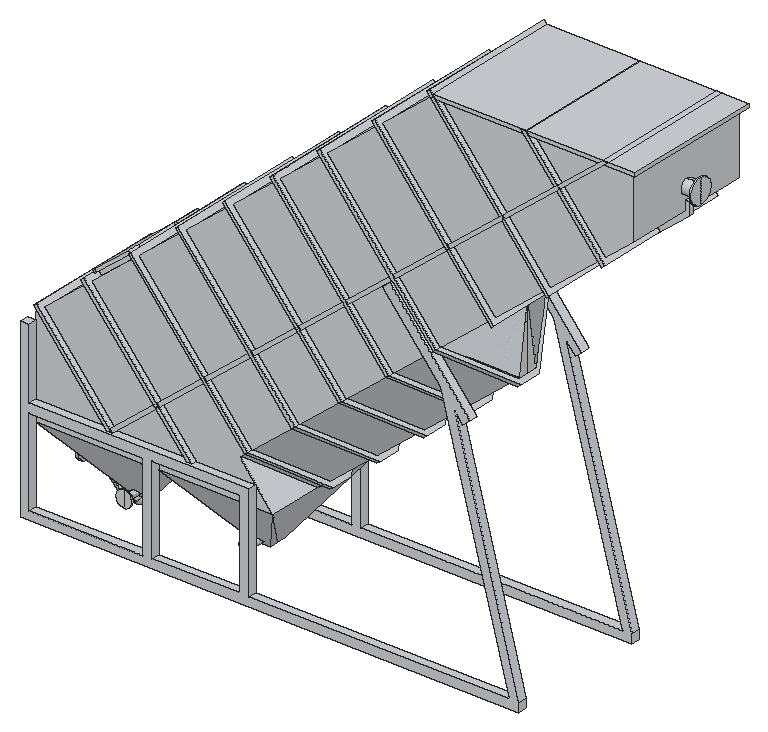
Revit family "отстойник-осветлитель грязной промывной воды 30", category Оборудование, Revit 2020
Family settings
  Размер круглого соединителя = Использовать диаметр
  Классификация = Нет
  Тип детали = Нормальный
  На основе рабочей плоскости = Нет
  Всегда вертикально = Да
  При загрузке вырезать с полостями = Нет
  Общий = Нет
  Точка расчета площади = Нет
Parameters
  Отметка по умолчанию = 0 mm
  ADSK_Позиция = "10"
  ADSK_Наименование [instance] = "Отстойник осветлитель грязной промывной воды 30"
  ADSK_Масса_Текст [instance] = "3940"
  ADSK_Марка [instance] = ""
  ADSK_Код изделия [instance] = ""
  ADSK_Завод-изготовитель [instance] = "ООО \"НПК \"Акватроник\""
  ADSK_Единица измерения = "шт."
Reference planes
  plane 1 "По центру (Вперед/Назад)": y = 0
  plane 2: z = 0
  plane 3 "По центру (Влево/Вправо)": x = 0
Forms (mm)
  Extrusion 1, solid
    sketch origin (0, 0, 0) x (1, 0, 0) y (0, 0, 1)
      loop
        line (496.855, 3669.037) -> (2304.72, 5186.016) -> (2304.72, 5895.191) -> (38.567, 5895.191) -> (-4498.918, 2087.788) -> (-4498.918, 960) -> (-1798.918, 960) -> (-2184.259, 1419.231) -> (-7.804, 3245.494) -> (496.855, 3668.953)
    from -750 to 750
  Extrusion 2, solid
    sketch origin (0, 0, 0) x (1, 0, 0) y (0, 0, 1)
      loop
        line (0, 5941.153) -> (1362.721, 4317.126) -> (1393.363, 4342.837) -> (30.642, 5966.865) -> (0, 5941.153)
      loop
        line (-627.671, 5414.475) -> (735.05, 3790.447) -> (765.692, 3816.159) -> (-597.029, 5440.186) -> (-627.671, 5414.475)
      loop
        line (-1255.342, 4887.796) -> (68.787, 3309.761) -> (99.429, 3335.473) -> (-1224.7, 4913.508) -> (-1255.342, 4887.796)
      loop
        line (-1791.573, 4437.845) -> (-467.776, 2860.205) -> (-437.134, 2885.917) -> (-1760.931, 4463.557) -> (-1791.573, 4437.845)
      loop
        line (-2327.804, 3987.894) -> (-1003.675, 2409.858) -> (-973.033, 2435.57) -> (-2297.162, 4013.605) -> (-2327.804, 3987.894)
      loop
        line (-2864.035, 3537.942) -> (-1539.906, 1959.907) -> (-1509.264, 1985.619) -> (-2833.393, 3563.654) -> (-2864.035, 3537.942)
      loop
        line (-3400.266, 3087.991) -> (-2076.137, 1509.956) -> (-2045.496, 1535.667) -> (-3369.624, 3113.703) -> (-3400.266, 3087.991)
      loop
        line (1074.61, 5935.191) -> (1990.392, 4843.804) -> (2021.034, 4869.515) -> (1126.826, 5935.191) -> (1074.61, 5935.191)
      loop
        line (-3936.497, 2638.04) -> (-2729.839, 1200) -> (-2677.622, 1200) -> (-3905.856, 2663.751) -> (-3936.497, 2638.04)
      loop
        line (-4472.728, 2188.088) -> (-3643.624, 1200) -> (-3591.407, 1200) -> (-4442.087, 2213.8) -> (-4472.728, 2188.088)
    from -810 to 810
  Extrusion 3, solid
    sketch origin (0, 0, 0) x (1, 0, 0) y (0, 0, 1)
      loop
        line (-3612.89, 1225.628) -> (-3591.407, 1200.026) -> (-3581.362, 1200.026) -> (2061.819, 5935.216) -> (1999.779, 5935.216) -> (-3612.89, 1225.628)
    from -810 to 810
  Extrusion 4, solid
    sketch origin (0, 0, 0) x (1, 0, 0) y (0, 0, 1)
      loop
        line (2363.908, 5895.191) -> (2363.908, 5935.191) -> (57.22, 5935.191) -> (57.22, 5895.191) -> (2363.908, 5895.191)
    from -810 to 810
  Revolve 5, solid
    sketch origin (0, 0, 0) x (1, 0, 0) y (0, 0, 1)
      loop
        line (2304.72, 5435.567) -> (2471.91, 5435.567) -> (2471.91, 5575.567) -> (2453.91, 5575.567) -> (2453.91, 5515.567) -> (2304.72, 5515.567) -> (2304.72, 5435.567)
      axis (2304.72, 5435.567) -> (2471.91, 5435.567)
    angle from 0 to 360
  Extrusion 6, solid
    sketch origin (0, 0, 0) x (1, 0, 0) y (0, 0, 1)
      loop
        line (2304.72, 5301.14) -> (2304.72, 5186.016) -> (497.093, 3669.237) -> (497.093, 3590.804) -> (2363.91, 5157.211) -> (2363.91, 5301.14) -> (2304.72, 5301.14)
    from -20 to 20
  Extrusion 7, solid
    sketch origin (0, 0, 0) x (1, 0, 0) y (0, 0, 1)
      loop
        line (-4498.918, 2000.003) -> (-4598.918, 2000.003) -> (-4598.918, 0) -> (-1999.141, 0) -> (1080.969, 0) -> (1080.969, 100) -> (344.686, 2825.385) -> (441.986, 2709.428) -> (518.59, 2773.707) -> (-394.084, 3861.389) -> (-470.69, 3797.113) -> (191.914, 3007.451) -> (977.384, 100) -> (-1999.141, 100) -> (-1999.141, 1200) -> (-4498.918, 1200) -> (-4498.918, 2000.003)
      loop
        line (-3198.918, 1100) -> (-4498.918, 1100) -> (-4498.918, 100) -> (-3198.918, 100) -> (-3198.918, 1100)
      loop
        line (-3098.918, 1100) -> (-3098.918, 100) -> (-2099.141, 100) -> (-2099.141, 1100) -> (-3098.918, 1100)
    from 750 to 850
  Extrusion 8, solid
    sketch origin (0, 0, 0) x (1, 0, 0) y (0, 0, -1)
      loop
        line (-4498.918, -2000.003) -> (-4498.918, -1200) -> (-1999.141, -1200) -> (-1999.141, -100) -> (977.384, -100) -> (191.914, -3007.451) -> (-470.69, -3797.113) -> (-394.084, -3861.389) -> (518.59, -2773.707) -> (441.986, -2709.428) -> (344.686, -2825.385) -> (1080.969, -100) -> (1080.969, 0) -> (-1999.141, 0) -> (-4598.918, 0) -> (-4598.918, -2000.003) -> (-4498.918, -2000.003)
      loop
        line (-3198.918, -1100) -> (-3198.918, -100) -> (-4498.918, -100) -> (-4498.918, -1100) -> (-3198.918, -1100)
      loop
        line (-3098.918, -1100) -> (-2099.141, -1100) -> (-2099.141, -100) -> (-3098.918, -100) -> (-3098.918, -1100)
    from 750 to 850
  SweptBlend 9, solid
    path origin (0, 0, 0) x (1, 0, 0) y (0, 0, 1)
      loop
        line (-3848.918, 159.936) -> (-3848.918, 960)
    profile origin (-3848.918, 0, 159.936) x (-1, 0, 0) y (0, -1, 0)
      loop
        line (-100, 0) -> (-100, -100) -> (100, -100) -> (100, 100) -> (-100, 100) -> (-100, 0)
    end profile origin (-3848.918, 0, 960) x (-1, 0, 0) y (0, -1, 0)
      loop
        line (650, -750) -> (650, 750) -> (-650, 750) -> (-650, -750) -> (650, -750)
  SweptBlend 10, solid
    path origin (1400, 0, 0) x (1, 0, 0) y (0, 0, 1)
      loop
        line (-3848.918, 159.936) -> (-3848.918, 960)
    profile origin (-2448.918, 0, 159.936) x (-1, 0, 0) y (0, -1, 0)
      loop
        line (-100, 0) -> (-100, -100) -> (100, -100) -> (100, 100) -> (-100, 100) -> (-100, 0)
    end profile origin (-2448.918, 0, 960) x (-1, 0, 0) y (0, -1, 0)
      loop
        line (650, -750) -> (650, 750) -> (-650, 750) -> (-650, -750) -> (650, -750)
  Sweep 11, solid
    path origin (0, 0, 0) x (1, 0, 0) y (0, 0, 1)
      loop
        line (-4498.918, 355.334) -> (-4397.271, 355.334)
        arc (-4397.271, 355.334) -> (-4353.263, 346.58) -> (-4315.954, 321.651) r 115
        line (-4315.954, 321.651) -> (-4083.592, 89.289)
        arc (-4083.592, 89.289) -> (-4051.15, 67.612) -> (-4012.881, 60) r 100
        line (-4012.881, 60) -> (-3928.918, 60)
        arc (-3928.918, 60) -> (-3872.35, 83.431) -> (-3848.918, 140) r 80
        line (-3848.918, 140) -> (-3848.918, 159.936)
    profile origin (-4448.095, 0, 355.334) x (0, 0, 1) y (0, -1, 0)
      loop
        circle (0, 0) r 54.5
  Revolve 12, solid
    sketch origin (0, 0, 0) x (1, 0, 0) y (0, 0, 1)
      loop
        line (-4498.918, 355.334) -> (-4498.918, 409.834) -> (-4523.918, 409.834) -> (-4523.918, 475.334) -> (-4553.918, 475.334) -> (-4553.918, 425.334) -> (-4568.918, 425.334) -> (-4568.918, 355.334) -> (-4498.918, 355.334)
      axis (-4498.918, 355.334) -> (-4568.918, 355.334)
    angle from 0 to 360
  Revolve 13, solid
    sketch origin (-3848.918, 0, -42.039) x (0, 1, 0) y (0, 0, 1)
      loop
        line (-311.798, 252.039) -> (-106.798, 252.039) -> (-106.798, 290.039) -> (-298.798, 290.039) -> (-298.798, 342.039) -> (-311.798, 342.039) -> (-311.798, 252.039)
      axis (-311.798, 252.039) -> (-106.798, 252.039)
    angle from 0 to 360
  Revolve 14, solid
    sketch origin (-2448.918, 0, -42.039) x (0, 1, 0) y (0, 0, 1)
      loop
        line (-311.798, 252.039) -> (-106.798, 252.039) -> (-106.798, 290.039) -> (-298.798, 290.039) -> (-298.798, 342.039) -> (-311.798, 342.039) -> (-311.798, 252.039)
      axis (-311.798, 252.039) -> (-106.798, 252.039)
    angle from 0 to 360
  Extrusion 15, solid
    sketch origin (-329.981, -2591.056, 1304.017) x (0, 1, 0) y (-0.642788, 0, 0.766044)
      loop
        line (1861.056, 1280.683) -> (2481.056, 680.683) -> (2701.056, 680.683) -> (3321.056, 1280.683) -> (1861.056, 1280.683)
    from -1346.401 to 1654.742
  SweptBlend 16, solid
    path origin (0, 0, 0) x (1, 0, 0) y (0, 0, 1)
      loop
        line (114.418, 3348.724) -> (497.44, 3670.118)
    profile origin (114.418, 0, 3348.724) x (-0.642788, 0, 0.766044) y (0, -1, 0)
      loop
        line (0, -750) -> (0, 750) -> (-600, 110) -> (-600, 0) -> (-600, -110) -> (0, -750)
    end profile origin (497.44, 0, 3670.118) x (-0.642788, 0, 0.766044) y (0, -1, 0)
      loop
        line (0, 3.721) -> (-5, 3.721) -> (-5, -3.717) -> (0, -3.717) -> (0, 3.721)
  Extrusion 17, solid
    sketch origin (-221.556, -2591.056, 1394.525) x (0, 1, 0) y (-0.642788, 0, 0.766044)
      loop
        line (1780.896, 1280.683) -> (2462.523, 621.043) -> (2719.59, 621.043) -> (3401.217, 1280.683) -> (1780.896, 1280.683)
    from -1346.401 to -1306.401
  Extrusion 18, solid
    sketch origin (314.704, -2591.056, 1844.297) x (0, 1, 0) y (-0.642788, 0, 0.766044)
      loop
        line (1780.896, 1280.683) -> (2462.362, 621.199) -> (2719.751, 621.199) -> (3401.217, 1280.683) -> (1780.896, 1280.683)
    from -1346.401 to -1306.401
  Extrusion 19, solid
    sketch origin (850.906, -2591.056, 2294.248) x (0, 1, 0) y (-0.642788, 0, 0.766044)
      loop
        line (1780.896, 1280.683) -> (2462.523, 621.043) -> (2719.59, 621.043) -> (3401.217, 1280.683) -> (1780.896, 1280.683)
    from -1346.401 to -1306.401
  Extrusion 20, solid
    sketch origin (1387.166, -2591.056, 2744.021) x (0, 1, 0) y (-0.642788, 0, 0.766044)
      loop
        line (1780.896, 1280.683) -> (2462.362, 621.199) -> (2719.751, 621.199) -> (3401.217, 1280.683) -> (1780.896, 1280.683)
    from -1346.401 to -1306.401
  Extrusion 21, solid
    sketch origin (1923.729, -2591.056, 3193.755) x (0, 1, 0) y (-0.642788, 0, 0.766044)
      loop
        line (1780.896, 1280.683) -> (2462.362, 621.199) -> (2719.751, 621.199) -> (3401.217, 1280.683) -> (1780.896, 1280.683)
    from -1346.401 to -1306.401
  Extrusion 22, solid
    sketch origin (3173.742, 14299.95, 4899.691) x (0.766044, 0, 0.642788) y (0, 1, 0)
      loop
        line (-6280.52, -14369.95) -> (-6781.788, -14369.95)
        arc (-6781.788, -14369.95) -> (-6831.285, -14390.453) -> (-6851.788, -14439.95) r 70
        line (-6851.788, -14439.95) -> (-6851.788, -14939.95)
        arc (-6851.788, -14939.95) -> (-6831.285, -14989.448) -> (-6781.788, -15009.95) r 70
        line (-6781.788, -15009.95) -> (-6280.52, -15009.95)
        arc (-6280.52, -15009.95) -> (-6231.023, -14989.448) -> (-6210.52, -14939.95) r 70
        line (-6210.52, -14939.95) -> (-6210.52, -14439.95)
        arc (-6210.52, -14439.95) -> (-6231.023, -14390.453) -> (-6280.52, -14369.95) r 70
    from 2827.849 to 2859.823
  Extrusion 23, solid
    sketch origin (0, 0, 0) x (1, 0, 0) y (0, 0, 1)
      loop
        line (-3838.144, 2707.514) -> (-3806.005, 2669.212) -> (-3422.983, 2990.605) -> (-3455.122, 3028.908) -> (-3838.144, 2707.514)
    from 106.798 to 676.5
Dimensions and locks
  plane 3 "По центру (Влево/Вправо)" to Extrusion 4 = 2363.908 mm
  aligned and locked: level to plane 2
Connectors
  piping at (2471.91, 0, 5435.567), diameter 150
    settings: on Revolve 5, index 1, connector inside diameter 609.6 mm, connector length 0 mm, flow factor 0, pipe flow 0.0 L/s, pressure drop 0.0 Pa, fitting loss kfactor 0, connector angle 0.00°, fixture units 0, engagement length 0 mm, angle of deflection 0.00°, flow configuration 0, flow direction 0, fitting loss method 0, system type 29, joint type 0, gender type 0, connector reference index -1, connector utility 0, adjustable connector no, is connector primary yes, connector description ""
  piping at (-4568.918, 0, 355.334), diameter 100
    settings: on Revolve 12, index 2, connector inside diameter 609.6 mm, connector length 0 mm, flow factor 0, pipe flow 0.0 L/s, pressure drop 0.0 Pa, fitting loss kfactor 0, connector angle 0.00°, fixture units 0, engagement length 0 mm, angle of deflection 0.00°, flow configuration 0, flow direction 0, fitting loss method 0, system type 29, joint type 0, gender type 0, connector reference index -1, connector utility 0, adjustable connector no, is connector primary no, connector description ""
  piping at (-3848.918, -311.798, 210), diameter 50
    settings: on Revolve 13, index 3, connector inside diameter 609.6 mm, connector length 0 mm, flow factor 0, pipe flow 0.0 L/s, pressure drop 0.0 Pa, fitting loss kfactor 0, connector angle 0.00°, fixture units 0, engagement length 0 mm, angle of deflection 0.00°, flow configuration 0, flow direction 0, fitting loss method 0, system type 29, joint type 0, gender type 0, connector reference index -1, connector utility 0, adjustable connector no, is connector primary no, connector description ""
  piping at (-2448.918, -311.798, 210), diameter 50
    settings: on Revolve 14, index 4, connector inside diameter 609.6 mm, connector length 0 mm, flow factor 0, pipe flow 0.0 L/s, pressure drop 0.0 Pa, fitting loss kfactor 0, connector angle 0.00°, fixture units 0, engagement length 0 mm, angle of deflection 0.00°, flow configuration 0, flow direction 0, fitting loss method 0, system type 29, joint type 0, gender type 0, connector reference index -1, connector utility 0, adjustable connector no, is connector primary no, connector description ""
